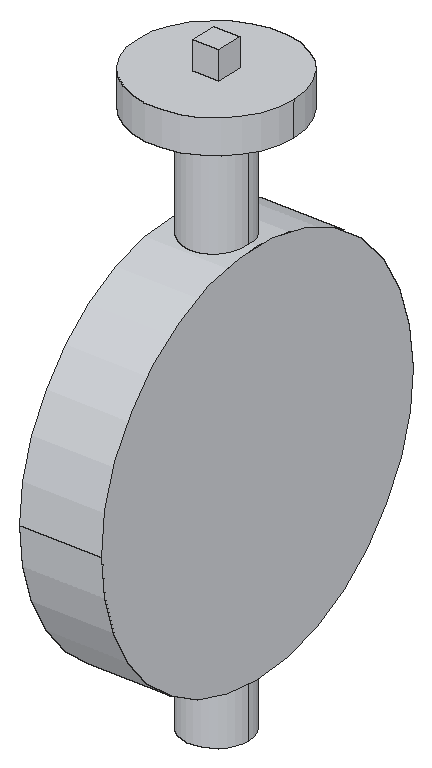
Revit family "HS497-68_disk-nerez_volné vřeteno DN250-RFA_2018", category Pipe Accessories, Revit 2018
Family settings
  Round Connector Dimension = Use Diameter
  Part Type = Valve - Breaks Into
  Work Plane-Based = No
  Always vertical = Yes
  Cut with Voids When Loaded = No
  Shared = No
Parameters (values of type "HS 497-68_DN250_PN16_volné vřeteno")
  magiProductId = "b662e8305ca2402b9c510e66e6aa55"
  magiProductFamilyId = "53cea81e6f374d17b8841d9c72ad77"
  magiPartTypeId = 305
  isMeasuringValve [instance] = no
  ang2D [instance] = 0.00°
  X11 = 88.77 mm
  X1 = 36.77 mm
  W2D = 1000 mm
  VersionID = "2.0/2017.9.26.1/ZETKAMA_497_001"
  Use Minimum Symbol Size [instance] = yes
  URL = "http://www.hydronic.cz"
  Type Comments = "mezipřírubová; nerezový disk; PN16; -10~+110°C (krátkodobě +120°C)"
  SW30 = no
  SW3 = no
  SW21 = no
  SW20 = no
  SW2 = no
  SW1 = yes
  R = 125 mm
  QmdConnectorList = "301;D;302;D"
  Productdata [instance] = ""
  NC = 50 mm
  Manufacturer = "Hydronic Systems Prague s.r.o."
  MM20 = 36.77 mm
  MC Product Code = "124 250 (nerezový disk, s volným vřetenem; DN250; PN16, kvs4555)"
  M41 = 66 mm
  M4 = 44 mm
  LHL = 220 mm
  LHH3 = 2.45 mm
  LHH1 = 46.55 mm
  LH1 = 73.333 mm
  L4R__ve = -L4R  # -12.8 mm
  L4R = 12.8 mm
  L42__ve = -L42  # -96 mm
  L42 = 96 mm
  L41__ve = -L41  # -19.2 mm
  L41 = 19.2 mm
  L2D_Min = 3048 mm
  L2D = 216 mm
  L2 = 34 mm
  L1 = 54.4 mm
  L = 68 mm
  H = 23 mm
  G22 = 11.25 mm
  G2 = 22.5 mm
  G1 = 90 mm
  G = 130 mm
  F = 22 mm
  E44 = 31.25 mm
  E42 = 62.5 mm
  E4 = 125 mm
  E23 = 4.9 mm
  E22 = 19.6 mm
  E21 = 9.8 mm
  Description = "Mezipřírubová uzavírací klapka s volným vřetenem; nerezový disk, DN250; PN16; kvs4555"
  DR2 = 125 mm
  DR = 324 mm
  DD1 = 15.625 mm
  DD = 12.5 mm
  D = 250 mm
  CAT0 = yes
  B2__ve = -B2  # -85 mm
  B2 = 85 mm
  A2 = 28.25 mm
  A1 = 129.25 mm
Types (43, lengths in mm): name | magiProductId | X11 | X1 | Type Comments | SW30 | SW3 | SW20 | SW2 | SW1 | R | NC | Manufacturer | MM20 | MC Product Code | M41 | M4 | LHL | LHH3 | LHH1 | LH1 | L4R__ve | L4R | L42__ve | L42 | L41__ve | L41 | L2 | L1 | L | H | G | F | E44 | E42 | E4 | E23 | E22 | E21 | Description | DR2 | DR | DD1 | DD | D | B2__ve | B2 | A2 | A1
  HS 497-68_DN100_PN16_volné vřeteno | "65d1b245f4f142c78569c0602d5754" | 61.456 | 25.456 | "mezipřírubová; nerezový disk; PN16; -10~+110°C (krátkodobě +120°C)" | no | no | no | no | yes | 50 | 50 | "Hydronic Systems Prague s.r.o." | 25.456 | "124 100 (nerezový disk, s volným vřetenem; DN100; PN16, kvs512)" | 66 | 44 | 220 | 2.45 | 46.55 | 73.333 | -12.8 | 12.8 | -96 | 96 | -19.2 | 19.2 | 26 | 41.6 | 52 | 30 | 90 | 11 | 31.25 | 62.5 | 125 | 4.9 | 19.6 | 9.8 | "Mezipřírubová uzavírací klapka s volným vřetenem; nerezový disk, DN100; PN16; kvs512" | 50 | 147 | 15.625 | 12.5 | 100 | -56 | 56 | 16.5 | 98.5
  HS 497-68_DN100_PN16_převodové kolo | "11e91b807e674d428c8e796fcdcfe2" | 61.456 | 25.456 | "mezipřírubová; nerezový disk; PN16; -10~+110°C (krátkodobě +120°C)" | yes | yes | no | no | no | 50 | 50 | "Hydronic Systems Prague s.r.o." | 25.456 | "126 100 (nerezový disk, s převodovým kolem; DN100; PN16, kvs512)" | 65.25 | 43.5 | 220 | 2.45 | 46.55 | 73.333 | -12.8 | 12.8 | -96 | 96 | -19.2 | 19.2 | 26 | 41.6 | 52 | 30 | 90 | 11 | 31.25 | 62.5 | 125 | 4.9 | 19.6 | 9.8 | "Mezipřírubová uzavírací klapka s převodovým kolem; nerezový disk, DN100; PN16; kvs512" | 50 | 147 | 15.625 | 12.5 | 100 | -56 | 56 | 16.5 | 98.5
  HS 497-68_DN100_PN16_s pákou | "28172f0b3f4b47b28323ac71cf8749" | 61.456 | 25.456 | "mezipřírubová; nerezový disk; PN16; -10~+110°C (krátkodobě +120°C)" | no | no | yes | yes | no | 50 | 50 | "Hydronic Systems Prague s.r.o." | 25.456 | "121 100 (nerezový disk, s pákou; DN100; PN16, kvs512)" | 66 | 44 | 260 | 3 | 57 | 86.667 | -12.8 | 12.8 | -96 | 96 | -19.2 | 19.2 | 26 | 41.6 | 52 | 30 | 90 | 11 | 31.25 | 62.5 | 125 | 6 | 24 | 12 | "Mezipřírubová uzavírací klapka s pákou; nerezový disk, DN100; PN16; kvs512" | 50 | 147 | 15.625 | 12.5 | 100 | -56 | 56 | 16.5 | 98.5
  HS 497-68_DN125_PN16_volné vřeteno | "0d813d910fc14f628bb3c2efbd185c" | 61.456 | 25.456 | "mezipřírubová; nerezový disk; PN16; -10~+110°C (krátkodobě +120°C)" | no | no | no | no | yes | 62.5 | 50 | "Hydronic Systems Prague s.r.o." | 25.456 | "124 125 (nerezový disk, s volným vřetenem; DN125; PN16, kvs872)" | 66 | 44 | 220 | 2.45 | 46.55 | 73.333 | -12.8 | 12.8 | -96 | 96 | -19.2 | 19.2 | 28 | 44.8 | 56 | 33 | 90 | 14 | 31.25 | 62.5 | 125 | 4.9 | 19.6 | 9.8 | "Mezipřírubová uzavírací klapka s volným vřetenem; nerezový disk, DN125; PN16; kvs872" | 62.5 | 180 | 15.625 | 12.5 | 125 | -64 | 64 | 18 | 99.5
  HS 497-68_DN125_PN16_převodové kolo | "c56b7c13f372467684996fb1e0e229" | 61.456 | 25.456 | "mezipřírubová; nerezový disk; PN16; -10~+110°C (krátkodobě +120°C)" | yes | yes | no | no | no | 62.5 | 50 | "Hydronic Systems Prague s.r.o." | 25.456 | "126125 (nerezový disk, s převodovým kolem; DN125; PN16, kvs872)" | 65.25 | 43.5 | 220 | 2.45 | 46.55 | 73.333 | -13.5 | 13.5 | -101.25 | 101.25 | -20.25 | 20.25 | 28 | 44.8 | 56 | 33 | 90 | 14 | 40 | 80 | 160 | 4.9 | 19.6 | 9.8 | "Mezipřírubová uzavírací klapka s převodovým kolem; nerezový disk, DN125; PN16; kvs872" | 62.5 | 180 | 20 | 16 | 125 | -64 | 64 | 18 | 99.5
  HS 497-68_DN125_PN16_s pákou | "105993c79a91492399feef7931321a" | 61.456 | 25.456 | "mezipřírubová; nerezový disk; PN16; -10~+110°C (krátkodobě +120°C)" | no | no | yes | yes | no | 62.5 | 50 | "Hydronic Systems Prague s.r.o." | 25.456 | "121 125 (nerezový disk, s pákou; DN125; PN16, kvs872)" | 66 | 44 | 315 | 3.75 | 71.25 | 105 | -12.8 | 12.8 | -96 | 96 | -19.2 | 19.2 | 28 | 44.8 | 56 | 33 | 90 | 14 | 31.25 | 62.5 | 125 | 7.5 | 30 | 15 | "Mezipřírubová uzavírací klapka s pákou; nerezový disk, DN125; PN16; kvs872" | 62.5 | 180 | 15.625 | 12.5 | 125 | -64 | 64 | 18 | 99.5
  HS 497-68_DN150_PN16_volné vřeteno | "50c80cb8ab434f55ab7796e5ac1331" | 61.456 | 25.456 | "mezipřírubová; nerezový disk; PN16; -10~+110°C (krátkodobě +120°C)" | no | no | no | no | yes | 75 | 50 | "Hydronic Systems Prague s.r.o." | 25.456 | "124 150 (nerezový disk, s volným vřetenem; DN150; PN16, kvs1347)" | 66 | 44 | 220 | 2.45 | 46.55 | 73.333 | -12.8 | 12.8 | -96 | 96 | -19.2 | 19.2 | 28 | 44.8 | 56 | 33 | 90 | 14 | 31.25 | 62.5 | 125 | 4.9 | 19.6 | 9.8 | "Mezipřírubová uzavírací klapka s volným vřetenem; nerezový disk, DN150; PN16; kvs1347" | 75 | 206 | 15.625 | 12.5 | 150 | -58 | 58 | 19.3 | 98.7
  HS 497-68_DN150_PN16_převodové kolo | "d94a1a0cf83b476eb10011b327f709" | 61.456 | 25.456 | "mezipřírubová; nerezový disk; PN16; -10~+110°C (krátkodobě +120°C)" | yes | yes | no | no | no | 75 | 50 | "Hydronic Systems Prague s.r.o." | 25.456 | "126 150 (nerezový disk, s převodovým kolem; DN150; PN16, kvs1347)" | 65.25 | 43.5 | 220 | 2.45 | 46.55 | 73.333 | -13.5 | 13.5 | -101.25 | 101.25 | -20.25 | 20.25 | 28 | 44.8 | 56 | 33 | 90 | 14 | 40 | 80 | 160 | 4.9 | 19.6 | 9.8 | "Mezipřírubová uzavírací klapka s převodovým kolem; nerezový disk, DN150; PN16; kvs1347" | 75 | 206 | 20 | 16 | 150 | -58 | 58 | 19.3 | 98.7
  HS 497-68_DN150_PN16_s pákou | "4d2835523fe84828bc50ff0a5a0dfb" | 61.456 | 25.456 | "mezipřírubová; nerezový disk; PN16; -10~+110°C (krátkodobě +120°C)" | no | no | yes | yes | no | 75 | 50 | "Hydronic Systems Prague s.r.o." | 25.456 | "121 150 (nerezový disk, s pákou; DN150; PN16, kvs1347)" | 66 | 44 | 315 | 3.75 | 71.25 | 105 | -12.8 | 12.8 | -96 | 96 | -19.2 | 19.2 | 28 | 44.8 | 56 | 33 | 90 | 14 | 31.25 | 62.5 | 125 | 7.5 | 30 | 15 | "Mezipřírubová uzavírací klapka s pákou; nerezový disk, DN150; PN16; kvs1347" | 75 | 206 | 15.625 | 12.5 | 150 | -58 | 58 | 19.3 | 98.7
  HS 497-68_DN200_PN16_volné vřeteno | "5b29029eaeba47139ee1055a4b9201" | 61.456 | 25.456 | "mezipřírubová; nerezový disk; PN16; -10~+110°C (krátkodobě +120°C)" | no | no | no | no | yes | 100 | 50 | "Hydronic Systems Prague s.r.o." | 25.456 | "124 200 (nerezový disk, s volným vřetenem; DN200; PN16, kvs2675)" | 66 | 44 | 220 | 2.45 | 46.55 | 73.333 | -12.8 | 12.8 | -96 | 96 | -19.2 | 19.2 | 30 | 48 | 60 | 33 | 90 | 17 | 31.25 | 62.5 | 125 | 4.9 | 19.6 | 9.8 | "Mezipřírubová uzavírací klapka s volným vřetenem; nerezový disk, DN200; PN16; kvs2675" | 100 | 257 | 15.625 | 12.5 | 200 | -70 | 70 | 22.5 | 102.5
  HS 497-68_DN200_PN16_převodové kolo | "b2793cc1fcc44cf2a35062cd67c04f" | 61.456 | 25.456 | "mezipřírubová; nerezový disk; PN16; -10~+110°C (krátkodobě +120°C)" | yes | yes | no | no | no | 100 | 57 | "Hydronic Systems Prague s.r.o." | 25.456 | "126 200 (nerezový disk, s převodovým kolem; DN200; PN16, kvs2675)" | 78.75 | 52.5 | 220 | 2.45 | 46.55 | 73.333 | -15.2 | 15.2 | -114 | 114 | -22.8 | 22.8 | 30 | 48 | 60 | 33 | 90 | 17 | 50 | 100 | 200 | 4.9 | 19.6 | 9.8 | "Mezipřírubová uzavírací klapka s převodovým kolem; nerezový disk, DN200; PN16; kvs2675" | 100 | 257 | 25 | 20 | 200 | -70 | 70 | 22.5 | 102.5
  HS 497-68_DN200_PN16_s pákou | "f88d96c7af224537a51e72d7d8fffe" | 61.456 | 25.456 | "mezipřírubová; nerezový disk; PN16; -10~+110°C (krátkodobě +120°C)" | no | no | yes | yes | no | 100 | 50 | "Hydronic Systems Prague s.r.o." | 25.456 | "121 200 (nerezový disk, s pákou; DN200; PN16, kvs2675)" | 66 | 44 | 315 | 3.75 | 71.25 | 105 | -12.8 | 12.8 | -96 | 96 | -19.2 | 19.2 | 30 | 48 | 60 | 33 | 90 | 17 | 31.25 | 62.5 | 125 | 7.5 | 30 | 15 | "Mezipřírubová uzavírací klapka s pákou; nerezový disk, DN200; PN16; kvs2675" | 100 | 257 | 15.625 | 12.5 | 200 | -70 | 70 | 22.5 | 102.5
  HS 497-68_DN250_PN16_volné vřeteno | "b662e8305ca2402b9c510e66e6aa55" | 88.77 | 36.77 | "mezipřírubová; nerezový disk; PN16; -10~+110°C (krátkodobě +120°C)" | no | no | no | no | yes | 125 | 50 | "Hydronic Systems Prague s.r.o." | 36.77 | "124 250 (nerezový disk, s volným vřetenem; DN250; PN16, kvs4555)" | 66 | 44 | 220 | 2.45 | 46.55 | 73.333 | -12.8 | 12.8 | -96 | 96 | -19.2 | 19.2 | 34 | 54.4 | 68 | 23 | 130 | 22 | 31.25 | 62.5 | 125 | 4.9 | 19.6 | 9.8 | "Mezipřírubová uzavírací klapka s volným vřetenem; nerezový disk, DN250; PN16; kvs4555" | 125 | 324 | 15.625 | 12.5 | 250 | -85 | 85 | 28.25 | 129.25
  HS 497-68_DN250_PN16_převodové kolo | "5ee9016806664ddfaa2632711f295c" | 88.77 | 36.77 | "mezipřírubová; nerezový disk; PN16; -10~+110°C (krátkodobě +120°C)" | yes | yes | no | no | no | 125 | 70 | "Hydronic Systems Prague s.r.o." | 36.77 | "126 250 (nerezový disk, s převodovým kolem; DN250; PN16, kvs4555)" | 91.5 | 61 | 220 | 2.45 | 46.55 | 73.333 | -22.2 | 22.2 | -166.5 | 166.5 | -33.3 | 33.3 | 34 | 54.4 | 68 | 23 | 130 | 22 | 62.5 | 125 | 250 | 4.9 | 19.6 | 9.8 | "Mezipřírubová uzavírací klapka s převodovým kolem; nerezový disk, DN250; PN16; kvs4555" | 125 | 324 | 31.25 | 25 | 250 | -85 | 85 | 28.25 | 129.25
  HS 497-68_DN300_PN16_volné vřeteno | "e1886f51ff004380a649519258edf2" | 88.77 | 36.77 | "mezipřírubová; nerezový disk; PN16; -10~+110°C (krátkodobě +120°C)" | no | no | no | no | yes | 150 | 50 | "Hydronic Systems Prague s.r.o." | 36.77 | "124 300 (nerezový disk, s volným vřetenem; DN300; PN16, kvs7037)" | 66 | 44 | 220 | 2.45 | 46.55 | 73.333 | -12.8 | 12.8 | -96 | 96 | -19.2 | 19.2 | 39 | 62.4 | 78 | 23 | 130 | 22 | 31.25 | 62.5 | 125 | 4.9 | 19.6 | 9.8 | "Mezipřírubová uzavírací klapka s volným vřetenem; nerezový disk, DN300; PN16; kvs7037" | 150 | 376 | 15.625 | 12.5 | 300 | -90 | 90 | 30.8 | 127.2
  HS 497-68_DN300_PN16_převodové kolo | "6860f094f77d42088fbebc3c97f755" | 88.77 | 36.77 | "mezipřírubová; nerezový disk; PN16; -10~+110°C (krátkodobě +120°C)" | yes | yes | no | no | no | 150 | 70 | "Hydronic Systems Prague s.r.o." | 36.77 | "126 300 (nerezový disk, s převodovým kolem; DN300; PN16, kvs7037)" | 91.5 | 61 | 220 | 2.45 | 46.55 | 73.333 | -22.2 | 22.2 | -166.5 | 166.5 | -33.3 | 33.3 | 39 | 62.4 | 78 | 23 | 130 | 22 | 62.5 | 125 | 250 | 4.9 | 19.6 | 9.8 | "Mezipřírubová uzavírací klapka s převodovým kolem; nerezový disk, DN300; PN16; kvs7037" | 150 | 376 | 31.25 | 25 | 300 | -90 | 90 | 30.8 | 127.2
  HS 497-68_DN032_PN16_volné vřeteno | "8c5f65de52aa4067a77564107e31b2" | 61.456 | 25.456 | "mezipřírubová; nerezový disk; PN16; -10~+110°C (krátkodobě +120°C)" | no | no | no | no | yes | 16 | 50 | "Hydronic Systems Prague s.r.o." | 25.456 | "124 032 (nerezový disk, s volným vřetenem; DN32; PN16, kvs78)" | 66 | 44 | 220 | 2.45 | 46.55 | 73.333 | -12.8 | 12.8 | -96 | 96 | -19.2 | 19.2 | 16.5 | 26.4 | 33 | 30 | 90 | 11 | 31.25 | 62.5 | 125 | 4.9 | 19.6 | 9.8 | "Mezipřírubová uzavírací klapka s volným vřetenem; nerezový disk, DN32; PN16; kvs78" | 16 | 68 | 15.625 | 12.5 | 32 | -44.2 | 44.2 | 10.25 | 76.25
  HS 497-68_DN032_PN16_převodové kolo | "60aaeffa8b3a4e809ef000e4660060" | 61.456 | 25.456 | "mezipřírubová; nerezový disk; PN16; -10~+110°C (krátkodobě +120°C)" | yes | yes | no | no | no | 16 | 50 | "Hydronic Systems Prague s.r.o." | 25.456 | "126 032 (nerezový disk, s převodovým kolem; DN32; PN16, kvs78)" | 65.25 | 43.5 | 220 | 2.45 | 46.55 | 73.333 | -12.8 | 12.8 | -96 | 96 | -19.2 | 19.2 | 16.5 | 26.4 | 33 | 30 | 90 | 11 | 31.25 | 62.5 | 125 | 4.9 | 19.6 | 9.8 | "Mezipřírubová uzavírací klapka s převodovým kolem; nerezový disk, DN32; PN16; kvs78" | 16 | 68 | 15.625 | 12.5 | 32 | -44.2 | 44.2 | 10.25 | 76.25
  HS 497-68_DN032_PN16_s pákou | "9ad8088d610749a1b871aa2aad8007" | 61.456 | 25.456 | "mezipřírubová; nerezový disk; PN16; -10~+110°C (krátkodobě +120°C)" | no | no | yes | yes | no | 16 | 50 | "Hydronic Systems Prague s.r.o." | 25.456 | "121 032 (nerezový disk, s pákou; DN32; PN16, kvs78)" | 66 | 44 | 220 | 2.45 | 46.55 | 73.333 | -12.8 | 12.8 | -96 | 96 | -19.2 | 19.2 | 16.5 | 26.4 | 33 | 30 | 90 | 11 | 31.25 | 62.5 | 125 | 4.9 | 19.6 | 9.8 | "Mezipřírubová uzavírací klapka s pákou; nerezový disk, DN32; PN16; kvs78" | 16 | 68 | 15.625 | 12.5 | 32 | -44.2 | 44.2 | 10.25 | 76.25
  HS 497-68_DN350_PN10_volné vřeteno | "72a1e05f22944421b7e9596a877137" | 109.255 | 45.255 | "mezipřírubová; nerezový disk; PN10; -10~+110°C (krátkodobě +120°C)" | no | no | no | no | yes | 175 | 50 | "Hydronic Systems Prague s.r.o." | 45.255 | "124 350 (nerezový disk, s volným vřetenem; DN350; PN10, kvs10165)" | 66 | 44 | 220 | 2.45 | 46.55 | 73.333 | -12.8 | 12.8 | -96 | 96 | -19.2 | 19.2 | 39 | 62.4 | 78 | 31 | 160 | 22 | 31.25 | 62.5 | 125 | 4.9 | 19.6 | 9.8 | "Mezipřírubová uzavírací klapka s volným vřetenem; nerezový disk, DN350; PN10; kvs10165" | 175 | 430 | 15.625 | 12.5 | 350 | -88 | 88 | 33.85 | 129.65
  HS 497-68_DN350_PN10_převodové kolo | "a5a01426cb28494ba3afca92f1dace" | 109.255 | 45.255 | "mezipřírubová; nerezový disk; PN10; -10~+110°C (krátkodobě +120°C)" | yes | yes | no | no | no | 175 | 70 | "Hydronic Systems Prague s.r.o." | 45.255 | "126 350 (nerezový disk, s převodovým kolem; DN350; PN10, kvs10165)" | 91.5 | 61 | 220 | 2.45 | 46.55 | 73.333 | -22.2 | 22.2 | -166.5 | 166.5 | -33.3 | 33.3 | 39 | 62.4 | 78 | 31 | 160 | 22 | 62.5 | 125 | 250 | 4.9 | 19.6 | 9.8 | "Mezipřírubová uzavírací klapka s převodovým kolem; nerezový disk, DN350; PN10; kvs10165" | 175 | 430 | 31.25 | 25 | 350 | -88 | 88 | 33.85 | 129.65
  HS 497-68_DN400_PN10_volné vřeteno | "c70ebeb927c04ab99b176e257ad0a7" | 109.255 | 45.255 | "mezipřírubová; nerezový disk; PN10; -10~+110°C (krátkodobě +120°C)" | no | no | no | no | yes | 200 | 50 | "Hydronic Systems Prague s.r.o." | 45.255 | "124 400 (nerezový disk, s volným vřetenem; DN400; PN10, kvs13799)" | 66 | 44 | 220 | 2.45 | 46.55 | 73.333 | -12.8 | 12.8 | -96 | 96 | -19.2 | 19.2 | 51 | 81.6 | 102 | 31 | 160 | 27 | 31.25 | 62.5 | 125 | 4.9 | 19.6 | 9.8 | "Mezipřírubová uzavírací klapka s volným vřetenem; nerezový disk, DN400; PN10; kvs13799" | 200 | 485 | 15.625 | 12.5 | 400 | -108 | 108 | 38 | 142
  HS 497-68_DN400_PN10_převodové kolo | "cc64a4384dcb41b780d81810f4f293" | 109.255 | 45.255 | "mezipřírubová; nerezový disk; PN10; -10~+110°C (krátkodobě +120°C)" | yes | yes | no | no | no | 200 | 72.5 | "Hydronic Systems Prague s.r.o." | 45.255 | "126 400 (nerezový disk, s převodovým kolem; DN400; PN10, kvs13799)" | 103.5 | 69 | 220 | 2.45 | 46.55 | 73.333 | -27.8 | 27.8 | -208.5 | 208.5 | -41.7 | 41.7 | 51 | 81.6 | 102 | 31 | 160 | 27 | 75 | 150 | 300 | 4.9 | 19.6 | 9.8 | "Mezipřírubová uzavírací klapka s převodovým kolem; nerezový disk, DN400; PN10; kvs13799" | 200 | 485 | 37.5 | 30 | 400 | -108 | 108 | 38 | 142
  HS 497-68_DN040_PN16_volné vřeteno | "35f92312390745e88df5b5c325d9ee" | 61.456 | 25.456 | "mezipřírubová; nerezový disk; PN16; -10~+110°C (krátkodobě +120°C)" | no | no | no | no | yes | 20 | 50 | "Hydronic Systems Prague s.r.o." | 25.456 | "124 040 (nerezový disk, s volným vřetenem; DN40; PN16, kvs78)" | 66 | 44 | 220 | 2.45 | 46.55 | 73.333 | -12.8 | 12.8 | -96 | 96 | -19.2 | 19.2 | 16.5 | 26.4 | 33 | 30 | 90 | 11 | 31.25 | 62.5 | 125 | 4.9 | 19.6 | 9.8 | "Mezipřírubová uzavírací klapka s volným vřetenem; nerezový disk, DN40; PN16; kvs78" | 20 | 76 | 15.625 | 12.5 | 40 | -36 | 36 | 11 | 79
  HS 497-68_DN040_PN16_převodové kolo | "d88e968eae3445bc9b7b4e6ff35127" | 61.456 | 25.456 | "mezipřírubová; nerezový disk; PN16; -10~+110°C (krátkodobě +120°C)" | yes | yes | no | no | no | 20 | 50 | "Hydronic Systems Prague s.r.o." | 25.456 | "126 040 (nerezový disk, s převodovým kolem; DN40; PN16, kvs78)" | 65.25 | 43.5 | 220 | 2.45 | 46.55 | 73.333 | -12.8 | 12.8 | -96 | 96 | -19.2 | 19.2 | 16.5 | 26.4 | 33 | 30 | 90 | 11 | 31.25 | 62.5 | 125 | 4.9 | 19.6 | 9.8 | "Mezipřírubová uzavírací klapka s převodovým kolem; nerezový disk, DN40; PN16; kvs78" | 20 | 76 | 15.625 | 12.5 | 40 | -36 | 36 | 11 | 79
  HS 497-68_DN040_PN16_s pákou | "c1b522ca65b4407a98818f232eaacb" | 61.456 | 25.456 | "mezipřírubová; nerezový disk; PN16; -10~+110°C (krátkodobě +120°C)" | no | no | yes | yes | no | 20 | 50 | "Hydronic Systems Prague s.r.o." | 25.456 | "121 040 (nerezový disk, s pákou; DN40; PN16, kvs78)" | 66 | 44 | 220 | 2.45 | 46.55 | 73.333 | -12.8 | 12.8 | -96 | 96 | -19.2 | 19.2 | 16.5 | 26.4 | 33 | 30 | 90 | 11 | 31.25 | 62.5 | 125 | 4.9 | 19.6 | 9.8 | "Mezipřírubová uzavírací klapka s pákou; nerezový disk, DN40; PN16; kvs78" | 20 | 76 | 15.625 | 12.5 | 40 | -36 | 36 | 11 | 79
  HS 497-68_DN450_PN10_volné vřeteno | "a8358bc282f14872b3194e530e590a" | 129.74 | 53.74 | "mezipřírubová; nerezový disk; PN10; -10~+110°C (krátkodobě +120°C)" | no | no | no | no | yes | 225 | 50 | "Hydronic Systems Prague s.r.o." | 53.74 | "124 450 (nerezový disk, s volným vřetenem; DN450; PN10, kvs18514)" | 66 | 44 | 220 | 2.45 | 46.55 | 73.333 | -12.8 | 12.8 | -96 | 96 | -19.2 | 19.2 | 57 | 91.2 | 114 | 38 | 190 | 36 | 31.25 | 62.5 | 125 | 4.9 | 19.6 | 9.8 | "Mezipřírubová uzavírací klapka s volným vřetenem; nerezový, DN450; PN10; kvs18514" | 225 | 536 | 15.625 | 12.5 | 450 | -115 | 115 | 38.05 | 117.45
  HS 497-68_DN450_PN10_převodové kolo | "cdf2d80f54a9414f9cbe50647c0ebd" | 129.74 | 53.74 | "mezipřírubová; nerezový disk; PN10; -10~+110°C (krátkodobě +120°C)" | yes | yes | no | no | no | 225 | 91.5 | "Zetkama" | 53.74 | "126 450 (nerezový disk, s převodovým kolem; DN450; PN10, kvs18514)" | 144.75 | 96.5 | 220 | 2.45 | 46.55 | 73.333 | -32.1 | 32.1 | -240.75 | 240.75 | -48.15 | 48.15 | 57 | 91.2 | 114 | 38 | 190 | 36 | 100 | 200 | 400 | 4.9 | 19.6 | 9.8 | "Mezipřírubová uzavírací klapka s převodovým kolem; nerezový disk, DN450; PN10; kvs18514" | 225 | 536 | 50 | 40 | 450 | -115 | 115 | 38.05 | 117.45
  HS 497-68_DN500_PN10_volné vřeteno | "8c396e27bb2743f98f3c762b6517cd" | 143.397 | 59.397 | "mezipřírubová; nerezový disk; PN10; -10~+110°C (krátkodobě +120°C)" | no | no | no | no | yes | 250 | 50 | "Hydronic Systems Prague s.r.o." | 59.397 | "124 500 (nerezový disk, s volným vřetenem; DN500; PN10, kvs23805)" | 66 | 44 | 220 | 2.45 | 46.55 | 73.333 | -12.8 | 12.8 | -96 | 96 | -19.2 | 19.2 | 63.5 | 101.6 | 127 | 38 | 210 | 36 | 31.25 | 62.5 | 125 | 4.9 | 19.6 | 9.8 | "Mezipřírubová uzavírací klapka s volným vřetenem; nerezový disk, DN500; PN10; kvs23805" | 250 | 593 | 15.625 | 12.5 | 500 | -130 | 130 | 43.25 | 139.25
  HS 497-68_DN500_PN10_převodové kolo | "7647804f32e94cef828a7034a91a46" | 143.397 | 59.397 | "mezipřírubová; nerezový disk; PN10; -10~+110°C (krátkodobě +120°C)" | yes | yes | no | no | no | 250 | 91.5 | "Zetkama" | 59.397 | "126 500 (nerezový disk, s převodovým kolem; DN500; PN10, kvs23805)" | 144.75 | 96.5 | 220 | 2.45 | 46.55 | 73.333 | -32.1 | 32.1 | -240.75 | 240.75 | -48.15 | 48.15 | 63.5 | 101.6 | 127 | 38 | 210 | 36 | 100 | 200 | 400 | 4.9 | 19.6 | 9.8 | "Mezipřírubová uzavírací klapka s převodovým kolem; nerezový disk, DN500; PN10; kvs23805" | 250 | 593 | 50 | 40 | 500 | -130 | 130 | 43.25 | 139.25
  HS 497-68_DN050_volné vřeteno | "d71f296ecd6d4adf8f6e5d9853b4e0" | 61.456 | 25.456 | "mezipřírubová; nerezový disk; PN16; -10~+110°C (krátkodobě +120°C)" | no | no | no | no | yes | 25 | 50 | "Hydronic Systems Prague s.r.o." | 25.456 | "124 050 (nerezový disk, s volným vřetenem; DN50; PN16, kvs98)" | 66 | 44 | 220 | 2.45 | 46.55 | 73.333 | -12.8 | 12.8 | -96 | 96 | -19.2 | 19.2 | 21.5 | 34.4 | 43 | 30 | 90 | 11 | 31.25 | 62.5 | 125 | 4.9 | 19.6 | 9.8 | "Mezipřírubová uzavírací klapka s volným vřetenem; nerezový disk, DN50; PN16; kvs98" | 25 | 100 | 15.625 | 12.5 | 50 | -36.5 | 36.5 | 12 | 83
  HS 497-68_DN050_PN16_převodové kolo | "2fb080deeaed49c58418b94c1da5a4" | 61.456 | 25.456 | "mezipřírubová; nerezový disk; PN16; -10~+110°C (krátkodobě +120°C)" | yes | yes | no | no | no | 25 | 50 | "Hydronic Systems Prague s.r.o." | 25.456 | "126 050 (nerezový disk, s převodovým kolem; DN50; PN16, kvs98)" | 65.25 | 43.5 | 220 | 2.45 | 46.55 | 73.333 | -12.8 | 12.8 | -96 | 96 | -19.2 | 19.2 | 21.5 | 34.4 | 43 | 30 | 90 | 11 | 31.25 | 62.5 | 125 | 4.9 | 19.6 | 9.8 | "Mezipřírubová uzavírací klapka s převodovým kolem; nerezový disk, DN50; PN16; kvs98" | 25 | 100 | 15.625 | 12.5 | 50 | -36.5 | 36.5 | 12 | 83
  HS 497-68_DN050_PN16_s pákou | "dabc632061f94877a994b9b4e68112" | 61.456 | 25.456 | "mezipřírubová; nerezový disk; PN16; -10~+110°C (krátkodobě +120°C)" | no | no | yes | yes | no | 25 | 50 | "Hydronic Systems Prague s.r.o." | 25.456 | "121 050 (nerezový disk, s pákou; DN50; PN16, kvs98)" | 66 | 44 | 220 | 2.45 | 46.55 | 73.333 | -12.8 | 12.8 | -96 | 96 | -19.2 | 19.2 | 21.5 | 34.4 | 43 | 30 | 90 | 11 | 31.25 | 62.5 | 125 | 4.9 | 19.6 | 9.8 | "Mezipřírubová uzavírací klapka s pákou; nerezový disk, DN50; PN16; kvs98" | 25 | 100 | 15.625 | 12.5 | 50 | -36.5 | 36.5 | 12 | 83
  HS 497-68_DN600_PN10_volné vřeteno | "99d5892c14664fce81a7c5903f7711" | 143.397 | 59.397 | "mezipřírubová; nerezový disk; PN10; -10~+110°C (krátkodobě +120°C)" | no | no | no | no | yes | 300 | 50 | "Hydronic Systems Prague s.r.o." | 59.397 | "124 600 (nerezový disk, s volným vřetenem; DN600; PN10, kvs36778)" | 66 | 44 | 220 | 2.45 | 46.55 | 73.333 | -12.8 | 12.8 | -96 | 96 | -19.2 | 19.2 | 77 | 123.2 | 154 | 80 | 210 | 60 | 31.25 | 62.5 | 125 | 4.9 | 19.6 | 9.8 | "Mezipřírubová uzavírací klapka s volným vřetenem; nerezový disk, DN600; PN10; kvs36788" | 300 | 690 | 15.625 | 12.5 | 600 | -140 | 140 | 49.4 | 144.6
  HS 497-68_DN600_PN10_převodové kolo | "b1e26faab48a4c499f6bb11e7e3002" | 143.397 | 59.397 | "mezipřírubová; lnerezový disk; PN10; -10~+110°C (krátkodobě +120°C)" | yes | yes | no | no | no | 300 | 140 | "Hydronic Systems Prague s.r.o." | 59.397 | "126 600 (nerezový disk, s převodovým kolem; DN600; PN10, kvs36778)" | 206.25 | 137.5 | 220 | 2.45 | 46.55 | 73.333 | -40.8 | 40.8 | -306 | 306 | -61.2 | 61.2 | 77 | 123.2 | 154 | 80 | 210 | 60 | 125 | 250 | 500 | 4.9 | 19.6 | 9.8 | "Mezipřírubová uzavírací klapka s převodovým kolem; nerezový disk, DN600; PN10; kvs36788" | 300 | 690 | 62.5 | 50 | 600 | -140 | 140 | 49.4 | 144.6
  HS 497-68_DN065_PN16_volné vřeteno | "5e5e208646e34ec29f889baab5d08e" | 61.456 | 25.456 | "mezipřírubová; lnerezový disk; PN16; -10~+110°C (krátkodobě +120°C)" | no | no | no | no | yes | 32.5 | 50 | "Hydronic Systems Prague s.r.o." | 25.456 | "124 065 (nerezový disk, s volným vřetenem; DN65; PN16, kvs167)" | 66 | 44 | 220 | 2.45 | 46.55 | 73.333 | -12.8 | 12.8 | -96 | 96 | -19.2 | 19.2 | 23 | 36.8 | 46 | 30 | 90 | 11 | 31.25 | 62.5 | 125 | 4.9 | 19.6 | 9.8 | "Mezipřírubová uzavírací klapka s volným vřetenem; nerezový disk, DN65; PN16; kv167" | 32.5 | 108 | 15.625 | 12.5 | 65 | -36.5 | 36.5 | 13.5 | 89
  HS 497-68_DN065_PN16_převodové kolo | "654d74c8d15540b0bfe523d988ccb3" | 61.456 | 25.456 | "mezipřírubová; nerezový disk; PN16; -10~+110°C (krátkodobě +120°C)" | yes | yes | no | no | no | 32.5 | 50 | "Hydronic Systems Prague s.r.o." | 25.456 | "126 065 (nerezový disk, s převodovým kolem; DN65; PN16, kvs167)" | 65.25 | 43.5 | 220 | 2.45 | 46.55 | 73.333 | -12.8 | 12.8 | -96 | 96 | -19.2 | 19.2 | 23 | 36.8 | 46 | 30 | 90 | 11 | 31.25 | 62.5 | 125 | 4.9 | 19.6 | 9.8 | "Mezipřírubová uzavírací klapka s převodovým kolem; nerezový disk, DN65; PN16; kvs167" | 32.5 | 108 | 15.625 | 12.5 | 65 | -36.5 | 36.5 | 13.5 | 89
  HS 497-68_DN065_PN16_s pákou | "ebeb4b59db0641caaf6d6635ab37b9" | 61.456 | 25.456 | "mezipřírubová; nerezový disk; PN16; -10~+110°C (krátkodobě +120°C)" | no | no | yes | yes | no | 32.5 | 50 | "Hydronic Systems Prague s.r.o." | 25.456 | "121 065 (nerezový disk, s pákou; DN65; PN16, kvs167)" | 66 | 44 | 220 | 2.45 | 46.55 | 73.333 | -12.8 | 12.8 | -96 | 96 | -19.2 | 19.2 | 23 | 36.8 | 46 | 30 | 90 | 11 | 31.25 | 62.5 | 125 | 4.9 | 19.6 | 9.8 | "Mezipřírubová uzavírací klapka s pákou; nerezový disk, DN65; PN16; kvs167" | 32.5 | 108 | 15.625 | 12.5 | 65 | -36.5 | 36.5 | 13.5 | 89
  HS 497-68_DN080_PN16_volné vřeteno | "9e85c75c18654e1185a9c48ed6b00e" | 61.456 | 25.456 | "mezipřírubová; nerezový disk; PN16; -10~+110°C (krátkodobě +120°C)" | no | no | no | no | yes | 40 | 50 | "Hydronic Systems Prague s.r.o." | 25.456 | "124 080 (nerezový disk, s volným vřetenem; DN80; PN16, kvs258)" | 66 | 44 | 220 | 2.45 | 46.55 | 73.333 | -12.8 | 12.8 | -96 | 96 | -19.2 | 19.2 | 23 | 36.8 | 46 | 30 | 90 | 11 | 31.25 | 62.5 | 125 | 4.9 | 19.6 | 9.8 | "Mezipřírubová uzavírací klapka s volným vřetenem; nerezový disk, DN80; PN16; kvs258" | 40 | 124 | 15.625 | 12.5 | 80 | -54 | 54 | 14.1 | 86.9
  HS 497-68_DN080_PN16_převodové kolo | "5b3c8238c3d041e68c75b199e7ea46" | 61.456 | 25.456 | "mezipřírubová; nerezový disk; PN16; -10~+110°C (krátkodobě +120°C)" | yes | yes | no | no | no | 40 | 50 | "Hydronic Systems Prague s.r.o." | 25.456 | "126 080 (nerezový disk, s převodovým kolem; DN80; PN16, kvs258)" | 65.25 | 43.5 | 220 | 2.45 | 46.55 | 73.333 | -12.8 | 12.8 | -96 | 96 | -19.2 | 19.2 | 23 | 36.8 | 46 | 30 | 90 | 11 | 31.25 | 62.5 | 125 | 4.9 | 19.6 | 9.8 | "Mezipřírubová uzavírací klapka s převodovým kolem; nerezový disk, DN80; PN16; kvs258" | 40 | 124 | 15.625 | 12.5 | 80 | -54 | 54 | 14.1 | 86.9
  HS 497-68_DN080_PN16_s pákou | "e414795fab0f4eccb99bc3572c5477" | 61.456 | 25.456 | "mezipřírubová; nerezový disk; PN16; -10~+110°C (krátkodobě +120°C)" | no | no | yes | yes | no | 40 | 50 | "Hydronic Systems Prague s.r.o." | 25.456 | "121 080 (nerezový disk, s pákou; DN80; PN16, kvs258)" | 66 | 44 | 260 | 3 | 57 | 86.667 | -12.8 | 12.8 | -96 | 96 | -19.2 | 19.2 | 23 | 36.8 | 46 | 30 | 90 | 11 | 31.25 | 62.5 | 125 | 6 | 24 | 12 | "Mezipřírubová uzavírací klapka s pákou; nerezový disk, DN80; PN16; kvs258" | 40 | 124 | 15.625 | 12.5 | 80 | -54 | 54 | 14.1 | 86.9
  HS 497-68_DN250_PN16_s pákou | "" | 88.77 | 36.77 | "mezipřírubová; nerezový disk; PN16; -10~+110°C (krátkodobě +120°C)" | no | no | yes | yes | no | 125 | 70 | "Hydronic Systems Prague s.r.o." | 36.77 | "121 250 (nerezový disk, s ákou; DN250; PN16, kvs4555)" | 91.5 | 61 | 220 | 2.45 | 46.55 | 73.333 | -22.2 | 22.2 | -166.5 | 166.5 | -33.3 | 33.3 | 34 | 54.4 | 68 | 23 | 130 | 22 | 62.5 | 125 | 250 | 4.9 | 19.6 | 9.8 | "Mezipřírubová uzavírací klapka s pákou; nerezový disk, DN250; PN16; kvs4555" | 125 | 324 | 31.25 | 25 | 250 | -85 | 85 | 28.25 | 129.25
  HS 497-68_DN300_PN16_s pákou | "" | 88.77 | 36.77 | "mezipřírubová; nerezový disk; PN16; -10~+110°C (krátkodobě +120°C)" | no | no | yes | yes | no | 150 | 70 | "Hydronic Systems Prague s.r.o." | 36.77 | "121 300 (nerezový disk, s pákou; DN300; PN16, kvs7037)" | 91.5 | 61 | 220 | 2.45 | 46.55 | 73.333 | -22.2 | 22.2 | -166.5 | 166.5 | -33.3 | 33.3 | 39 | 62.4 | 78 | 23 | 130 | 22 | 62.5 | 125 | 250 | 4.9 | 19.6 | 9.8 | "Mezipřírubová uzavírací klapka s pákou; nerezový disk, DN300; PN16; kvs7037" | 150 | 376 | 31.25 | 25 | 300 | -90 | 90 | 30.8 | 127.2
Reference planes
  plane 1 "Center (Front/Back)": y = 0
  plane 2 "XYPLANE": z = 0
  plane 3 "Center (Left/Right)": x = 0
  plane 4 "473": x = -36.77
  plane 5 "472": x = -66
  plane 6 "471": y = -36.77
  plane 7 "470": y = 36.77
  plane 8 "469": x = -44
  plane 9 "468": y = -115.2
  plane 10 "467": y = -96
  plane 11 "466": z = 313.75
  plane 12 "465": z = 329.05
  plane 13 "464": y = 145.417
  plane 14 "463": z = 319.25
  plane 15 "462": z = 302.1
  plane 16 "461": z = 311.9
  plane 17 "460": y = 72.083
  plane 18 "459": x = -11.25
  plane 19 "458": x = 11.25
  plane 20 "457": y = -6.25
  plane 21 "456": x = -17.5
  plane 22 "455": x = 17.5
  plane 23 "454": z = 316.8
  plane 24 "453": y = 62.083
  plane 25 "452": y = -11.25
  plane 26 "451": x = -22.5
  plane 27 "450": x = 22.5
  plane 28 "449": z = 297.2
  plane 29 "448": z = 292.3
  plane 30 "447": z = -125
  plane 31 "446": z = 282.5
  plane 32 "445": z = 254.25
  plane 33 "444": z = 125
  plane 34 "443": x = 34
  plane 35 "442": x = -34
  plane 36 "441": z = 0
  plane 37 "440": y = 0
  plane 38 "439": x = 0
  plane 39 "438": z = 331.5
  plane 40 "437": z = 316.8
  plane 41 "436": x = 13.7
  plane 42 "435": x = -13.7
  plane 43 "434": y = 220
Forms (mm)
  Extrusion 1, solid, visible <- "SW3"
    sketch origin (-750, 0, 282.5) x (1, 0, 0) y (0, 1, 0)
      loop
        line (684, 36.77) -> (684, -36.77) -> (713.23, -36.77)
        arc (713.23, -36.77) -> (802, 0) -> (713.23, 36.77) r 52
        line (713.23, 36.77) -> (684, 36.77)
    from 0 to 62.5 <- "E42"
  Extrusion 2, solid, visible <- "SW30"
    sketch origin (0, -750, 0) x (0, 1, 0) y (0, 0, 1)
      loop
        circle (750, 313.75) r 7.813
    from 0 to 50 <- "NC"
  Extrusion 3, solid, visible <- "SW30"
    sketch origin (750, -115.2, 0) x (-1, 0, 0) y (0, 0, 1)
      loop
        circle (794, 313.75) r 62.5
    from 0 to -12.8 <- "L4R__ve"
  Extrusion 4, solid, visible <- "SW3"
    sketch origin (750, -96, 0) x (-1, 0, 0) y (0, 0, 1)
      loop
        circle (794, 313.75) r 7.813
    from 0 to -19.2 <- "L41__ve"
  Extrusion 5, solid, visible <- "SW30"
    sketch origin (750, 0, 0) x (-1, 0, 0) y (0, 0, 1)
      loop
        circle (794, 313.75) r 6.25
    from 0 to -96 <- "L42__ve"
  Blend 6, solid, visible <- "SW21"
    base sketch origin (750, 72.083, 0) x (-1, 0, 0) y (0, 0, 1)
      loop
        line (761.25, 311.9) -> (738.75, 311.9) -> (738.75, 302.1) -> (761.25, 302.1) -> (761.25, 311.9)
    top sketch origin (750, 72.083, 0) x (-1, 0, 0) y (0, 0, 1)
      loop
        line (761.25, 329.05) -> (738.75, 329.05) -> (738.75, 319.25) -> (761.25, 319.25) -> (761.25, 329.05)
    from 0 to 73.333
  Blend 7, solid, visible <- "SW21"
    base sketch origin (750, 62.083, 0) x (-1, 0, 0) y (0, 0, 1)
      loop
        line (761.25, 316.8) -> (738.75, 316.8) -> (738.75, 297.2) -> (761.25, 297.2) -> (761.25, 316.8)
    top sketch origin (750, 62.083, 0) x (-1, 0, 0) y (0, 0, 1)
      loop
        line (761.25, 311.9) -> (738.75, 311.9) -> (738.75, 302.1) -> (761.25, 302.1) -> (761.25, 311.9)
    from 0 to 10
  Blend 8, solid, visible <- "SW21"
    base sketch origin (-750, 0, 297.2) x (1, 0, 0) y (0, 1, 0)
      loop
        line (772.5, 62.083) -> (727.5, 62.083) -> (727.5, -11.25)
        arc (727.5, -11.25) -> (750, -31.25) -> (772.5, -11.25) r 22.656
        line (772.5, -11.25) -> (772.5, 62.083)
    top sketch origin (-750, 0, 297.2) x (1, 0, 0) y (0, 1, 0)
      loop
        line (767.5, 62.083) -> (732.5, 62.083) -> (732.5, -6.25)
        arc (732.5, -6.25) -> (750, -26.25) -> (767.5, -6.25) r 17.656
        line (767.5, -6.25) -> (767.5, 62.083)
    from 0 to 19.6
  Extrusion 9, solid, visible <- "SW2"
    sketch origin (-750, 0, 292.3) x (1, 0, 0) y (0, 1, 0)
      loop
        circle (750, 0) r 11.25
    from 0 to 4.9 <- "E23"
  Extrusion 10, solid, visible <- "SW2"
    sketch origin (-750, 0, 282.5) x (1, 0, 0) y (0, 1, 0)
      loop
        circle (750, 0) r 45
    from 0 to 9.8 <- "E21"
  Extrusion 11, solid, visible <- "CAT0"
    sketch origin (-750, 0, -125) x (1, 0, 0) y (0, 1, 0)
      loop
        circle (750, 0) r 27.2
    from 0 to -85 <- "B2__ve"
  Extrusion 12, solid, visible <- "CAT0"
    sketch origin (-750, 0, 254.25) x (1, 0, 0) y (0, 1, 0)
      loop
        circle (750, 0) r 65
    from 0 to 28.25 <- "A2"
  Extrusion 13, solid, visible <- "CAT0"
    sketch origin (-750, 0, 125) x (1, 0, 0) y (0, 1, 0)
      loop
        circle (750, 0) r 27.2
    from 0 to 129.25 <- "A1"
  Extrusion 14, solid, visible <- "CAT0"
    sketch origin (-34, -750, 0) x (0, 1, 0) y (0, 0, 1)
      loop
        circle (750, 0) r 162
    from 0 to 68 <- "L"
  Extrusion 15, solid, visible <- "SW1"
    sketch origin (-750, 0, 282.5) x (1, 0, 0) y (0, 1, 0)
      loop
        line (761, 11) -> (739, 11) -> (739, -11) -> (761, -11) -> (761, 11)
    from 0 to 23 <- "H"
  Blend 16, solid, visible <- "SW2"
    base sketch origin (750, 145.417, 0) x (-1, 0, 0) y (0, 0, 1)
      loop
        arc (763.7, 326.5) -> (762.236, 330.036) -> (758.7, 331.5) r 5
        line (758.7, 331.5) -> (741.3, 331.5)
        arc (741.3, 331.5) -> (737.764, 330.036) -> (736.3, 326.5) r 5
        line (736.3, 326.5) -> (736.3, 321.8)
        arc (736.3, 321.8) -> (737.764, 318.264) -> (741.3, 316.8) r 5
        line (741.3, 316.8) -> (758.7, 316.8)
        arc (758.7, 316.8) -> (762.236, 318.264) -> (763.7, 321.8) r 5
        line (763.7, 321.8) -> (763.7, 326.5)
    top sketch origin (750, 145.417, 0) x (-1, 0, 0) y (0, 0, 1)
      loop
        arc (763.7, 326.5) -> (762.236, 330.036) -> (758.7, 331.5) r 5
        line (758.7, 331.5) -> (741.3, 331.5)
        arc (741.3, 331.5) -> (737.764, 330.036) -> (736.3, 326.5) r 5
        line (736.3, 326.5) -> (736.3, 321.8)
        arc (736.3, 321.8) -> (737.764, 318.264) -> (741.3, 316.8) r 5
        line (741.3, 316.8) -> (758.7, 316.8)
        arc (758.7, 316.8) -> (762.236, 318.264) -> (763.7, 321.8) r 5
        line (763.7, 321.8) -> (763.7, 326.5)
    from 0 to 74.583
  Blend 17, solid, visible <- "SW20"
    base sketch origin (750, 145.417, 0) x (-1, 0, 0) y (0, 0, 1)
      loop
        line (763.7, 331.5) -> (736.3, 331.5) -> (736.3, 316.8) -> (763.7, 316.8) -> (763.7, 331.5)
    top sketch origin (750, 145.417, 0) x (-1, 0, 0) y (0, 0, 1)
      loop
        line (761.25, 316.8) -> (738.75, 316.8) -> (738.75, 297.2) -> (761.25, 297.2) -> (761.25, 316.8)
    from 0 to -83.333
  Extrusion 18, solid, visible <- "SW20"
    sketch origin (-750, 0, 297.2) x (1, 0, 0) y (0, 1, 0)
      loop
        line (772.5, 62.083) -> (727.5, 62.083) -> (727.5, -11.25)
        arc (727.5, -11.25) -> (750, -31.25) -> (772.5, -11.25) r 22.656
        line (772.5, -11.25) -> (772.5, 62.083)
    from 0 to 19.6 <- "E22"
  Extrusion 19, solid, not visible
    sketch origin (-34, -750, 0) x (0, 1, 0) y (0, 0, 1)
      loop
        circle (750, 0) r 10
    from 0 to 10
  Extrusion 20, solid, not visible
    sketch origin (34, -750, 0) x (0, 1, 0) y (0, 0, 1)
      loop
        circle (750, 0) r 10
    from 0 to -10
Lines and regions (mm)
  reference lines, not visible
    curve 1: circle (2, 2, 0) r 1 normal (0, 0, 1)
  reference lines
    curve 2: line (-36.77, -36.77, 282.5) -> (-36.77, 36.77, 282.5)
    curve 3: line (-17.5, -6.25, 297.2) -> (17.5, -6.25, 297.2)
    curve 4: line (-22.5, -11.25, 297.2) -> (22.5, -11.25, 297.2)
    curve 5: circle (0, 0, 282.5) r 1 normal (0, 0, 1)
    curve 6: line (-22.5, -11.25, 297.2) -> (22.5, -11.25, 297.2)
Dimensions and locks
  plane 1 "Center (Front/Back)" to curve 1 = 2 mm
  "X1": plane 3 "Center (Left/Right)" to plane 4 "473"
  "M41": plane 3 "Center (Left/Right)" to plane 5 "472"
  "MM20": plane 1 "Center (Front/Back)" to plane 6 "471"
  "MM20": plane 1 "Center (Front/Back)" to plane 7 "470"
  "M4": plane 3 "Center (Left/Right)" to plane 8 "469"
  "L41": plane 10 "467" to plane 9 "468"
  "L42": plane 1 "Center (Front/Back)" to plane 10 "467"
  "E44": plane 31 "446" to plane 11 "466"
  "LHH1": plane 31 "446" to plane 12 "465"
  "LH1": plane 17 "460" to plane 13 "464"
  "E21": plane 12 "465" to plane 14 "463"
  "E21": plane 16 "461" to plane 15 "462"
  "E23": plane 23 "454" to plane 16 "461"
  locked: plane 24 "453" to plane 17 "460" at 10
  "G22": plane 3 "Center (Left/Right)" to plane 18 "459"
  "G22": plane 3 "Center (Left/Right)" to plane 19 "458"
  locked: plane 25 "452" to plane 20 "457" at 5
  locked: plane 26 "451" to plane 21 "456" at 5
  locked: plane 27 "450" to plane 22 "455" at 5
  "E22": plane 28 "449" to plane 23 "454"
  "LH1": plane 25 "452" to plane 24 "453"
  "G22": plane 1 "Center (Front/Back)" to plane 25 "452"
  "G2": plane 3 "Center (Left/Right)" to plane 26 "451"
  "G2": plane 3 "Center (Left/Right)" to plane 27 "450"
  "E23": plane 29 "448" to plane 28 "449"
  "E21": plane 31 "446" to plane 29 "448"
  "R": plane 2 "XYPLANE" to plane 30 "447"
  "A2": plane 32 "445" to plane 31 "446"
  "A1": plane 33 "444" to plane 32 "445"
  "DR2": plane 2 "XYPLANE" to plane 33 "444"
  "L2": plane 3 "Center (Left/Right)" to plane 34 "443"
  "L2": plane 3 "Center (Left/Right)" to plane 35 "442"
  locked: plane 2 "XYPLANE" to plane 36 "441"
  locked: plane 1 "Center (Front/Back)" to plane 37 "440"
  locked: plane 3 "Center (Left/Right)" to plane 38 "439"
  "LHH3": plane 12 "465" to plane 39 "438"
  "LHH3": plane 14 "463" to plane 40 "437"
  "LHH3": plane 19 "458" to plane 41 "436"
  "LHH3": plane 18 "459" to plane 42 "435"
  "LHL": plane 1 "Center (Front/Back)" to plane 43 "434"
  "X11": curve 2 to Extrusion 1 sketch curve
  Extrusion 1 sketch curve to Extrusion 1 sketch curve = 0 mm  (x8)
  Blend 6 sketch curve to Blend 6 sketch curve = 0 mm  (x16)
  Blend 7 sketch curve to Blend 7 sketch curve = 0 mm  (x16)
  Blend 8 sketch curve to Blend 8 sketch curve = 0 mm  (x16)
  equal spacing: Extrusion 15 sketch curve, curve 5, Extrusion 15 sketch curve  (x2)
  "F": Extrusion 15 sketch curve to Extrusion 15 sketch curve  (x2)
  Blend 16 sketch curve to Blend 16 sketch curve = 0 mm  (x32)
  Blend 17 sketch curve to Blend 17 sketch curve = 0 mm  (x16)
  Extrusion 18 sketch curve to Extrusion 18 sketch curve = 0 mm  (x8)
  "DD1": diameter of Extrusion 2 sketch curve
  "E4": diameter of Extrusion 3 sketch curve
  "DD1": diameter of Extrusion 4 sketch curve
  "DD": diameter of Extrusion 5 sketch curve
  "G2": diameter of Extrusion 9 sketch curve
  "G1": diameter of Extrusion 10 sketch curve
  "L1": diameter of Extrusion 11 sketch curve
  "G": diameter of Extrusion 12 sketch curve
  "L1": diameter of Extrusion 13 sketch curve
  "DR": diameter of Extrusion 14 sketch curve
  radius of Blend 16 sketch curve = 5 mm  (x8)
  aligned and locked: level to plane 2 "XYPLANE"
  aligned and locked: Extrusion 1 sketch curve to plane 5 "472"
  aligned and locked: plane 7 "470" to Extrusion 1 sketch curve
  aligned and locked: plane 6 "471" to Extrusion 1 sketch curve
  aligned and locked: plane 5 "472" to Extrusion 1 sketch curve
  aligned and locked: plane 4 "473" to Extrusion 1 sketch curve  (x2)
  aligned and locked: plane 4 "473" to curve 2
  aligned and locked: plane 6 "471" to curve 2
  aligned and locked: plane 7 "470" to curve 2
  aligned and locked: Extrusion 1 sketch curve to plane 7 "470"
  aligned and locked: plane 11 "466" to Extrusion 2 sketch curve
  aligned and locked: plane 37 "440" to Extrusion 2 sketch curve
  aligned and locked: plane 8 "469" to Extrusion 3 sketch curve
  aligned and locked: plane 11 "466" to Extrusion 3 sketch curve
  aligned and locked: plane 8 "469" to Extrusion 4 sketch curve
  aligned and locked: plane 11 "466" to Extrusion 4 sketch curve
  aligned and locked: plane 8 "469" to Extrusion 5 sketch curve
  aligned and locked: plane 11 "466" to Extrusion 5 sketch curve
  aligned and locked: plane 12 "465" to Blend 6 sketch curve  (x2)
  aligned and locked: plane 18 "459" to Blend 6 sketch curve  (x4)
  aligned and locked: plane 19 "458" to Blend 6 sketch curve  (x4)
  aligned and locked: plane 14 "463" to Blend 6 sketch curve  (x2)
  aligned and locked: plane 16 "461" to Blend 6 sketch curve  (x2)
  aligned and locked: plane 15 "462" to Blend 6 sketch curve  (x2)
  aligned and locked: plane 13 "464" to Blend 6
  aligned and locked: plane 16 "461" to Blend 7 sketch curve  (x2)
  aligned and locked: plane 18 "459" to Blend 7 sketch curve  (x4)
  aligned and locked: plane 19 "458" to Blend 7 sketch curve  (x4)
  aligned and locked: plane 15 "462" to Blend 7 sketch curve  (x2)
  aligned and locked: plane 23 "454" to Blend 7 sketch curve  (x2)
  aligned and locked: plane 28 "449" to Blend 7 sketch curve  (x2)
  aligned and locked: plane 17 "460" to Blend 7
  aligned and locked: plane 24 "453" to Blend 8 sketch curve  (x4)
  aligned and locked: plane 22 "455" to Blend 8 sketch curve  (x2)
  aligned and locked: plane 21 "456" to Blend 8 sketch curve
  aligned and locked: plane 20 "457" to Blend 8 sketch curve  (x2)
  aligned and locked: curve 3 to plane 20 "457"
  aligned and locked: plane 21 "456" to curve 3
  aligned and locked: plane 22 "455" to curve 3
  aligned and locked: plane 27 "450" to Blend 8 sketch curve  (x2)
  aligned and locked: plane 26 "451" to Blend 8 sketch curve
  aligned and locked: plane 25 "452" to Blend 8 sketch curve  (x2)
  aligned and locked: curve 4 to plane 25 "452"
  aligned and locked: plane 26 "451" to curve 4
  aligned and locked: plane 27 "450" to curve 4
  aligned and locked: plane 23 "454" to Blend 8
  aligned and locked: plane 37 "440" to Extrusion 9 sketch curve
  aligned and locked: plane 38 "439" to Extrusion 9 sketch curve
  aligned and locked: plane 37 "440" to Extrusion 10 sketch curve
  aligned and locked: plane 38 "439" to Extrusion 10 sketch curve
  aligned and locked: plane 37 "440" to Extrusion 11 sketch curve
  aligned and locked: plane 38 "439" to Extrusion 11 sketch curve
  aligned and locked: plane 37 "440" to Extrusion 12 sketch curve
  aligned and locked: plane 38 "439" to Extrusion 12 sketch curve
  aligned and locked: plane 37 "440" to Extrusion 13 sketch curve
  aligned and locked: plane 38 "439" to Extrusion 13 sketch curve
  aligned and locked: plane 36 "441" to Extrusion 14 sketch curve
  aligned and locked: Extrusion 14 sketch curve to plane 37 "440"
  aligned and locked: plane 37 "440" to curve 5
  aligned and locked: plane 38 "439" to curve 5
  aligned and locked: plane 39 "438" to Blend 16 sketch curve  (x2)
  aligned and locked: plane 41 "436" to Blend 16 sketch curve  (x2)
  aligned and locked: Blend 16 sketch curve to plane 40 "437"  (x2)
  aligned and locked: Blend 16 sketch curve to plane 42 "435"  (x2)
  aligned and locked: plane 43 "434" to Blend 16
  aligned and locked: plane 23 "454" to Blend 17 sketch curve  (x2)
  aligned and locked: plane 18 "459" to Blend 17 sketch curve  (x2)
  aligned and locked: plane 19 "458" to Blend 17 sketch curve  (x2)
  aligned and locked: plane 28 "449" to Blend 17 sketch curve  (x2)
  aligned and locked: plane 39 "438" to Blend 17 sketch curve  (x2)
  aligned and locked: plane 42 "435" to Blend 17 sketch curve  (x2)
  aligned and locked: plane 41 "436" to Blend 17 sketch curve  (x2)
  aligned and locked: plane 40 "437" to Blend 17 sketch curve  (x2)
  aligned and locked: Blend 17 to plane 24 "453"
  aligned and locked: plane 24 "453" to Extrusion 18 sketch curve  (x2)
  aligned and locked: plane 27 "450" to Extrusion 18 sketch curve  (x2)
  aligned and locked: plane 26 "451" to Extrusion 18 sketch curve
  aligned and locked: plane 25 "452" to Extrusion 18 sketch curve  (x2)
  aligned and locked: curve 6 to plane 25 "452"
  aligned and locked: plane 26 "451" to curve 6
  aligned and locked: plane 27 "450" to curve 6
  aligned and locked: plane 36 "441" to Extrusion 19 sketch curve
  aligned and locked: Extrusion 19 sketch curve to plane 37 "440"
  aligned and locked: plane 36 "441" to Extrusion 20 sketch curve
  aligned and locked: Extrusion 20 sketch curve to plane 37 "440"
Automatic sketch dimensions
  Blend 8 sketch curve to plane 20 "457" = 2.344 mm  (x2)
  Extrusion 18 sketch curve to plane 20 "457" = 2.344 mm
  plane 25 "452" to Extrusion 19 sketch curve = 1.25 mm
  plane 25 "452" to Extrusion 20 sketch curve = 1.25 mm
  plane 3 "Center (Left/Right)" to curve 1 = 2 mm
  plane 26 "451" to Extrusion 15 sketch curve = 11.5 mm
  plane 25 "452" to Extrusion 15 sketch curve = 0.25 mm
  radius of curve 5 = 1 mm
  radius of curve 1 = 1 mm
Connectors
  piping at (-34, 0, 0), diameter 250, driven by "D"
    settings: on Extrusion 19, index 1, connector inside diameter 609.6 mm, connector length 0 mm, flow factor 0, pipe flow 0.0 L/s, pressure drop 0.0 Pa, fitting loss kfactor 0, connector angle 0.00°, fixture units 0, engagement length 0 mm, angle of deflection 0.00°, flow configuration 0, flow direction 0, fitting loss method 0, system type 29, joint type 0, gender type 0, connector reference index 2, connector utility 0, adjustable connector no, is connector primary yes, connector description ""
  piping at (34, 0, 0), diameter 250, driven by "D"
    settings: on Extrusion 20, index 2, connector inside diameter 609.6 mm, connector length 0 mm, flow factor 0, pipe flow 0.0 L/s, pressure drop 0.0 Pa, fitting loss kfactor 0, connector angle 0.00°, fixture units 0, engagement length 0 mm, angle of deflection 0.00°, flow configuration 0, flow direction 0, fitting loss method 0, system type 29, joint type 0, gender type 0, connector reference index 1, connector utility 0, adjustable connector no, is connector primary no, connector description ""
